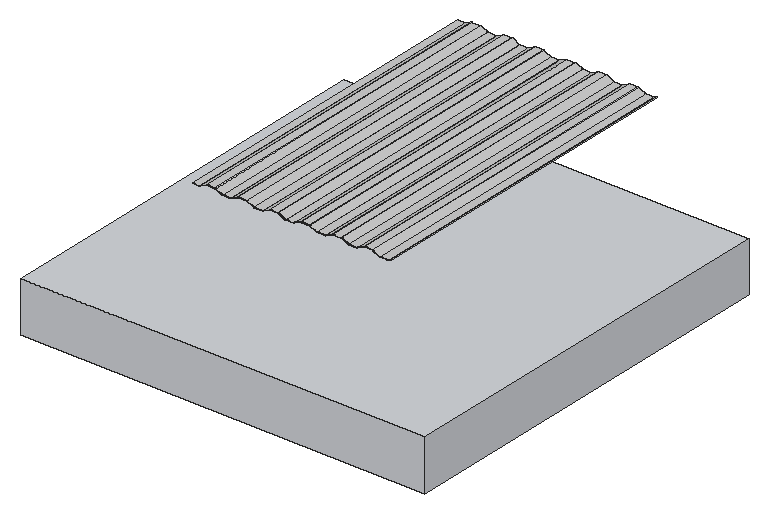
Revit family "Trapézový plech CB 20_190", category Obecné modely, Revit 2016
Family settings
  Hostitel = Plocha
  Typ součásti = Normální
  Může být hostitelem pro výztuž = Ne
  Kóta kulaté spojky = Použít průměr
  Ořezat dutým tvarem při načtení = Ne
  Sdílené = Ne
  Bod výpočtu místnosti = Ne
Parameters
  Šířka prvku - ořezání [instance] = 1198.235 mm
  Šířka [instance] = 1140 mm  # constant formula
  Výrobce = "CB profil a. s."  # constant formula
  Default Elevation = 0 mm
  URL = "https://www.cbprofil.cz/vyrobni-program/trapezove-plechy-vyroba-cb/"
  Třída oceli [instance] = Třída oceli : S 320 GD
  Tloušťka [instance] = 1 mm
  Positivní [instance] = not(Negativní)  # yes
  Popis = "CB 20/190"
  Negativní [instance] = no
  F2 barva [instance] = Pozink
  F1 barva [instance] = Pozink
  Délka [instance] = 2000 mm
  CB FLIS [instance] = no
Reference planes
  plane 1 "Střed (vpředu/vzadu)": y = 0
  plane 2: z = 0
  plane 3 "Střed (vlevo/vpravo)": x = 0
  plane 4 "trapézový plech": z = 0
  plane 5: x = -1140.316
  plane 6 "oříznutí": x = -1198.235
  plane 7: x = -1219.2
  plane 8: z = 21
Forms (mm)
  Extrusion 1, solid
    sketch origin (0, 0, 0) x (1, 0, 0) y (0, 1, 0)
      loop
        line (-1219.2, 1219.2) -> (-1219.2, -1219.2) -> (1219.2, -1219.2) -> (1219.2, 1219.2) -> (-1219.2, 1219.2)
    from 0 to -304.8
  Sweep 2, solid, material "Pozink" <- "F2 barva"
    path origin (0, 0, 0) x (-1, 0, 0) y (0, -1, 0)
      loop
        line (0, 0) -> (0, -2000)
    profile "CB 20_190 : CB 20_190" origin (0, 1000, 0) x (-1, 0, 0) y (0, 0, 1)
      loop
        line (-42.408, 7.427) -> (-26.927, 0.513)
        arc (-26.927, 0.513) -> (-25.751, 0.13) -> (-24.521, 0) r 5.9
        line (-24.521, 0) -> (24.599, 0)
        arc (24.599, 0) -> (25.829, 0.13) -> (27.005, 0.513) r 5.9
        line (27.005, 0.513) -> (68.889, 19.661)
        arc (68.889, 19.661) -> (69.666, 19.914) -> (70.479, 20) r 3.9
        line (70.479, 20) -> (119.599, 20)
        arc (119.599, 20) -> (120.413, 19.914) -> (121.19, 19.661) r 3.9
        line (121.19, 19.661) -> (163.073, 0.513)
        arc (163.073, 0.513) -> (164.249, 0.13) -> (165.479, 0) r 5.9
        line (165.479, 0) -> (190.039, 0) -> (214.599, 0)
        arc (214.599, 0) -> (215.829, 0.13) -> (217.005, 0.513) r 5.9
        line (217.005, 0.513) -> (258.889, 19.661)
        arc (258.889, 19.661) -> (259.666, 19.914) -> (260.479, 20) r 3.9
        line (260.479, 20) -> (309.599, 20)
        arc (309.599, 20) -> (310.413, 19.914) -> (311.19, 19.661) r 3.9
        line (311.19, 19.661) -> (353.073, 0.513)
        arc (353.073, 0.513) -> (354.249, 0.13) -> (355.479, 0) r 5.9
        line (355.479, 0) -> (404.599, 0)
        arc (404.599, 0) -> (405.829, 0.13) -> (407.005, 0.513) r 5.9
        line (407.005, 0.513) -> (448.889, 19.661)
        arc (448.889, 19.661) -> (449.666, 19.914) -> (450.479, 20) r 3.9
        line (450.479, 20) -> (499.599, 20)
        arc (499.599, 20) -> (500.413, 19.914) -> (501.19, 19.661) r 3.9
        line (501.19, 19.661) -> (543.073, 0.513)
        arc (543.073, 0.513) -> (544.249, 0.13) -> (545.479, 0) r 5.9
        line (545.479, 0) -> (570.039, 0) -> (594.599, 0)
        arc (594.599, 0) -> (595.829, 0.13) -> (597.005, 0.513) r 5.9
        line (597.005, 0.513) -> (638.889, 19.661)
        arc (638.889, 19.661) -> (639.666, 19.914) -> (640.479, 20) r 3.9
        line (640.479, 20) -> (689.599, 20)
        arc (689.599, 20) -> (690.413, 19.914) -> (691.19, 19.661) r 3.9
        line (691.19, 19.661) -> (733.073, 0.513)
        arc (733.073, 0.513) -> (734.249, 0.13) -> (735.479, 0) r 5.9
        line (735.479, 0) -> (784.599, 0)
        arc (784.599, 0) -> (785.829, 0.13) -> (787.005, 0.513) r 5.9
        line (787.005, 0.513) -> (828.889, 19.661)
        arc (828.889, 19.661) -> (829.666, 19.914) -> (830.479, 20) r 3.9
        line (830.479, 20) -> (879.599, 20)
        arc (879.599, 20) -> (880.413, 19.914) -> (881.19, 19.661) r 3.9
        line (881.19, 19.661) -> (923.073, 0.513)
        arc (923.073, 0.513) -> (924.249, 0.13) -> (925.479, 0) r 5.9
        line (925.479, 0) -> (950.039, 0) -> (974.599, 0)
        arc (974.599, 0) -> (975.829, 0.13) -> (977.005, 0.513) r 5.9
        line (977.005, 0.513) -> (1018.889, 19.661)
        arc (1018.889, 19.661) -> (1019.666, 19.914) -> (1020.479, 20) r 3.9
        line (1020.479, 20) -> (1069.599, 20)
        arc (1069.599, 20) -> (1070.413, 19.914) -> (1071.19, 19.661) r 3.9
        line (1071.19, 19.661) -> (1113.073, 1.513)
        arc (1113.073, 1.513) -> (1114.249, 1.13) -> (1115.479, 1) r 5.9
        line (1115.479, 1) -> (1155.363, 1) -> (1155.363, 2) -> (1115.479, 2)
        arc (1115.479, 2) -> (1114.455, 2.108) -> (1113.476, 2.428) r 4.9
        line (1113.476, 2.428) -> (1071.592, 20.576)
        arc (1071.592, 20.576) -> (1070.618, 20.893) -> (1069.599, 21) r 4.9
        line (1069.599, 21) -> (1020.479, 21)
        arc (1020.479, 21) -> (1019.456, 20.892) -> (1018.477, 20.572) r 4.9
        line (1018.477, 20.572) -> (976.594, 1.424)
        arc (976.594, 1.424) -> (975.619, 1.107) -> (974.599, 1) r 4.9
        line (974.599, 1) -> (950.039, 1) -> (925.479, 1)
        arc (925.479, 1) -> (924.46, 1.107) -> (923.485, 1.424) r 4.9
        line (923.485, 1.424) -> (881.602, 20.572)
        arc (881.602, 20.572) -> (880.623, 20.892) -> (879.599, 21) r 4.9
        line (879.599, 21) -> (830.479, 21)
        arc (830.479, 21) -> (829.456, 20.892) -> (828.477, 20.572) r 4.9
        line (828.477, 20.572) -> (786.594, 1.424)
        arc (786.594, 1.424) -> (785.619, 1.107) -> (784.599, 1) r 4.9
        line (784.599, 1) -> (735.479, 1)
        arc (735.479, 1) -> (734.46, 1.107) -> (733.485, 1.424) r 4.9
        line (733.485, 1.424) -> (691.602, 20.572)
        arc (691.602, 20.572) -> (690.623, 20.892) -> (689.599, 21) r 4.9
        line (689.599, 21) -> (640.479, 21)
        arc (640.479, 21) -> (639.456, 20.892) -> (638.477, 20.572) r 4.9
        line (638.477, 20.572) -> (596.594, 1.424)
        arc (596.594, 1.424) -> (595.619, 1.107) -> (594.599, 1) r 4.9
        line (594.599, 1) -> (570.039, 1) -> (545.479, 1)
        arc (545.479, 1) -> (544.46, 1.107) -> (543.485, 1.424) r 4.9
        line (543.485, 1.424) -> (501.602, 20.572)
        arc (501.602, 20.572) -> (500.623, 20.892) -> (499.599, 21) r 4.9
        line (499.599, 21) -> (450.479, 21)
        arc (450.479, 21) -> (449.456, 20.892) -> (448.477, 20.572) r 4.9
        line (448.477, 20.572) -> (406.594, 1.424)
        arc (406.594, 1.424) -> (405.619, 1.107) -> (404.599, 1) r 4.9
        line (404.599, 1) -> (355.479, 1)
        arc (355.479, 1) -> (354.46, 1.107) -> (353.485, 1.424) r 4.9
        line (353.485, 1.424) -> (311.602, 20.572)
        arc (311.602, 20.572) -> (310.623, 20.892) -> (309.599, 21) r 4.9
        line (309.599, 21) -> (260.479, 21)
        arc (260.479, 21) -> (259.456, 20.892) -> (258.477, 20.572) r 4.9
        line (258.477, 20.572) -> (216.594, 1.424)
        arc (216.594, 1.424) -> (215.619, 1.107) -> (214.599, 1) r 4.9
        line (214.599, 1) -> (190.039, 1) -> (165.479, 1)
        arc (165.479, 1) -> (164.46, 1.107) -> (163.485, 1.424) r 4.9
        line (163.485, 1.424) -> (121.602, 20.572)
        arc (121.602, 20.572) -> (120.623, 20.892) -> (119.599, 21) r 4.9
        line (119.599, 21) -> (70.479, 21)
        arc (70.479, 21) -> (69.456, 20.892) -> (68.477, 20.572) r 4.9
        line (68.477, 20.572) -> (26.594, 1.424)
        arc (26.594, 1.424) -> (25.619, 1.107) -> (24.599, 1) r 4.9
        line (24.599, 1) -> (-24.521, 1)
        arc (-24.521, 1) -> (-25.542, 1.108) -> (-26.519, 1.426) r 4.9
        line (-26.519, 1.426) -> (-42, 8.34) -> (-42.408, 7.427)
  Extrusion 3, void
    sketch origin (0, 0, 0) x (1, 0, 0) y (0, 0, 1)
      loop
        line (-1198.235, 21) -> (-1219.2, 21) -> (-1219.2, 0) -> (-1198.235, 0) -> (-1198.235, 21)
    from 0 to -2000
  Sweep 4, solid, material "Pozink" <- "F2 barva", visible <- "Negativní"
    path origin (0, 0, 0) x (-1, 0, 0) y (0, -1, 0)
      loop
        line (0, 0) -> (0, -2000)
    profile "CB 20_190_neg : CB 20_190_neg" origin (0, 1000, 0) x (-1, 0, 0) y (0, 0, 1)
      loop
        arc (-26.111, 19.661) -> (-25.334, 19.914) -> (-24.521, 20) r 3.9
        line (-24.521, 20) -> (0.039, 20) -> (24.599, 20)
        arc (24.599, 20) -> (25.413, 19.914) -> (26.19, 19.661) r 3.9
        line (26.19, 19.661) -> (68.073, 0.513)
        arc (68.073, 0.513) -> (69.249, 0.13) -> (70.479, 0) r 5.9
        line (70.479, 0) -> (119.599, 0)
        arc (119.599, 0) -> (120.829, 0.13) -> (122.005, 0.513) r 5.9
        line (122.005, 0.513) -> (163.889, 19.661)
        arc (163.889, 19.661) -> (164.666, 19.914) -> (165.479, 20) r 3.9
        line (165.479, 20) -> (214.599, 20)
        arc (214.599, 20) -> (215.413, 19.914) -> (216.19, 19.661) r 3.9
        line (216.19, 19.661) -> (258.073, 0.513)
        arc (258.073, 0.513) -> (259.249, 0.13) -> (260.479, 0) r 5.9
        line (260.479, 0) -> (309.599, 0)
        arc (309.599, 0) -> (310.829, 0.13) -> (312.005, 0.513) r 5.9
        line (312.005, 0.513) -> (353.889, 19.661)
        arc (353.889, 19.661) -> (354.666, 19.914) -> (355.479, 20) r 3.9
        line (355.479, 20) -> (380.039, 20) -> (404.599, 20)
        arc (404.599, 20) -> (405.413, 19.914) -> (406.19, 19.661) r 3.9
        line (406.19, 19.661) -> (448.073, 0.513)
        arc (448.073, 0.513) -> (449.249, 0.13) -> (450.479, 0) r 5.9
        line (450.479, 0) -> (499.599, 0)
        arc (499.599, 0) -> (500.829, 0.13) -> (502.005, 0.513) r 5.9
        line (502.005, 0.513) -> (543.889, 19.661)
        arc (543.889, 19.661) -> (544.666, 19.914) -> (545.479, 20) r 3.9
        line (545.479, 20) -> (594.599, 20)
        arc (594.599, 20) -> (595.413, 19.914) -> (596.19, 19.661) r 3.9
        line (596.19, 19.661) -> (638.073, 0.513)
        arc (638.073, 0.513) -> (639.249, 0.13) -> (640.479, 0) r 5.9
        line (640.479, 0) -> (689.599, 0)
        arc (689.599, 0) -> (690.829, 0.13) -> (692.005, 0.513) r 5.9
        line (692.005, 0.513) -> (733.889, 19.661)
        arc (733.889, 19.661) -> (734.666, 19.914) -> (735.479, 20) r 3.9
        line (735.479, 20) -> (760.039, 20) -> (784.599, 20)
        arc (784.599, 20) -> (785.413, 19.914) -> (786.19, 19.661) r 3.9
        line (786.19, 19.661) -> (828.073, 0.513)
        arc (828.073, 0.513) -> (829.249, 0.13) -> (830.479, 0) r 5.9
        line (830.479, 0) -> (879.599, 0)
        arc (879.599, 0) -> (880.829, 0.13) -> (882.005, 0.513) r 5.9
        line (882.005, 0.513) -> (923.889, 19.661)
        arc (923.889, 19.661) -> (924.666, 19.914) -> (925.479, 20) r 3.9
        line (925.479, 20) -> (974.599, 20)
        arc (974.599, 20) -> (975.413, 19.914) -> (976.19, 19.661) r 3.9
        line (976.19, 19.661) -> (1018.073, 0.513)
        arc (1018.073, 0.513) -> (1019.249, 0.13) -> (1020.479, 0) r 5.9
        line (1020.479, 0) -> (1069.599, 0)
        arc (1069.599, 0) -> (1070.829, 0.13) -> (1072.005, 0.513) r 5.9
        line (1072.005, 0.513) -> (1113.889, 18.661)
        arc (1113.889, 18.661) -> (1114.666, 18.914) -> (1115.479, 19) r 3.9
        line (1115.479, 19) -> (1155.363, 19) -> (1155.363, 20) -> (1115.479, 20)
        arc (1115.479, 20) -> (1114.461, 19.893) -> (1113.487, 19.576) r 4.9
        line (1113.487, 19.576) -> (1071.603, 1.428)
        arc (1071.603, 1.428) -> (1070.624, 1.108) -> (1069.599, 1) r 4.9
        line (1069.599, 1) -> (1020.479, 1)
        arc (1020.479, 1) -> (1019.46, 1.107) -> (1018.485, 1.424) r 4.9
        line (1018.485, 1.424) -> (976.602, 20.572)
        arc (976.602, 20.572) -> (975.623, 20.892) -> (974.599, 21) r 4.9
        line (974.599, 21) -> (925.479, 21)
        arc (925.479, 21) -> (924.456, 20.892) -> (923.477, 20.572) r 4.9
        line (923.477, 20.572) -> (881.594, 1.424)
        arc (881.594, 1.424) -> (880.619, 1.107) -> (879.599, 1) r 4.9
        line (879.599, 1) -> (830.479, 1)
        arc (830.479, 1) -> (829.46, 1.107) -> (828.485, 1.424) r 4.9
        line (828.485, 1.424) -> (786.602, 20.572)
        arc (786.602, 20.572) -> (785.623, 20.892) -> (784.599, 21) r 4.9
        line (784.599, 21) -> (760.039, 21) -> (735.479, 21)
        arc (735.479, 21) -> (734.456, 20.892) -> (733.477, 20.572) r 4.9
        line (733.477, 20.572) -> (691.594, 1.424)
        arc (691.594, 1.424) -> (690.619, 1.107) -> (689.599, 1) r 4.9
        line (689.599, 1) -> (640.479, 1)
        arc (640.479, 1) -> (639.46, 1.107) -> (638.485, 1.424) r 4.9
        line (638.485, 1.424) -> (596.602, 20.572)
        arc (596.602, 20.572) -> (595.623, 20.892) -> (594.599, 21) r 4.9
        line (594.599, 21) -> (545.479, 21)
        arc (545.479, 21) -> (544.456, 20.892) -> (543.477, 20.572) r 4.9
        line (543.477, 20.572) -> (501.594, 1.424)
        arc (501.594, 1.424) -> (500.619, 1.107) -> (499.599, 1) r 4.9
        line (499.599, 1) -> (450.479, 1)
        arc (450.479, 1) -> (449.46, 1.107) -> (448.485, 1.424) r 4.9
        line (448.485, 1.424) -> (406.602, 20.572)
        arc (406.602, 20.572) -> (405.623, 20.892) -> (404.599, 21) r 4.9
        line (404.599, 21) -> (380.039, 21) -> (355.479, 21)
        arc (355.479, 21) -> (354.456, 20.892) -> (353.477, 20.572) r 4.9
        line (353.477, 20.572) -> (311.594, 1.424)
        arc (311.594, 1.424) -> (310.619, 1.107) -> (309.599, 1) r 4.9
        line (309.599, 1) -> (260.479, 1)
        arc (260.479, 1) -> (259.46, 1.107) -> (258.485, 1.424) r 4.9
        line (258.485, 1.424) -> (216.602, 20.572)
        arc (216.602, 20.572) -> (215.623, 20.892) -> (214.599, 21) r 4.9
        line (214.599, 21) -> (165.479, 21)
        arc (165.479, 21) -> (164.456, 20.892) -> (163.477, 20.572) r 4.9
        line (163.477, 20.572) -> (121.594, 1.424)
        arc (121.594, 1.424) -> (120.619, 1.107) -> (119.599, 1) r 4.9
        line (119.599, 1) -> (70.479, 1)
        arc (70.479, 1) -> (69.46, 1.107) -> (68.485, 1.424) r 4.9
        line (68.485, 1.424) -> (26.602, 20.572)
        arc (26.602, 20.572) -> (25.623, 20.892) -> (24.599, 21) r 4.9
        line (24.599, 21) -> (0.039, 21) -> (-24.521, 21)
        arc (-24.521, 21) -> (-25.542, 20.892) -> (-26.519, 20.574) r 4.9
        line (-26.519, 20.574) -> (-42, 13.66) -> (-41.592, 12.746) -> (-26.111, 19.661)
  Sweep 5, solid, material "Pozink" <- "F1 barva"
    path origin (0, 0, 0) x (-1, 0, 0) y (0, -1, 0)
      loop
        line (0, 0) -> (0, -2000)
    profile "CB 20_190_F1 : CB 20_190_F1" origin (0, 1000, 0) x (-1, 0, 0) y (0, 0, 1)
      loop
        line (-42, 8.34) -> (-26.519, 1.426)
        arc (-26.519, 1.426) -> (-25.542, 1.108) -> (-24.521, 1) r 4.9
        line (-24.521, 1) -> (24.599, 1)
        arc (24.599, 1) -> (25.619, 1.107) -> (26.594, 1.424) r 4.9
        line (26.594, 1.424) -> (68.477, 20.572)
        arc (68.477, 20.572) -> (69.456, 20.892) -> (70.479, 21) r 4.9
        line (70.479, 21) -> (119.599, 21)
        arc (119.599, 21) -> (120.623, 20.892) -> (121.602, 20.572) r 4.9
        line (121.602, 20.572) -> (163.485, 1.424)
        arc (163.485, 1.424) -> (164.46, 1.107) -> (165.479, 1) r 4.9
        line (165.479, 1) -> (190.039, 1) -> (214.599, 1)
        arc (214.599, 1) -> (215.619, 1.107) -> (216.594, 1.424) r 4.9
        line (216.594, 1.424) -> (258.477, 20.572)
        arc (258.477, 20.572) -> (259.456, 20.892) -> (260.479, 21) r 4.9
        line (260.479, 21) -> (309.599, 21)
        arc (309.599, 21) -> (310.623, 20.892) -> (311.602, 20.572) r 4.9
        line (311.602, 20.572) -> (353.485, 1.424)
        arc (353.485, 1.424) -> (354.46, 1.107) -> (355.479, 1) r 4.9
        line (355.479, 1) -> (404.599, 1)
        arc (404.599, 1) -> (405.619, 1.107) -> (406.594, 1.424) r 4.9
        line (406.594, 1.424) -> (448.477, 20.572)
        arc (448.477, 20.572) -> (449.456, 20.892) -> (450.479, 21) r 4.9
        line (450.479, 21) -> (499.599, 21)
        arc (499.599, 21) -> (500.623, 20.892) -> (501.602, 20.572) r 4.9
        line (501.602, 20.572) -> (543.485, 1.424)
        arc (543.485, 1.424) -> (544.46, 1.107) -> (545.479, 1) r 4.9
        line (545.479, 1) -> (570.039, 1) -> (594.599, 1)
        arc (594.599, 1) -> (595.619, 1.107) -> (596.594, 1.424) r 4.9
        line (596.594, 1.424) -> (638.477, 20.572)
        arc (638.477, 20.572) -> (639.456, 20.892) -> (640.479, 21) r 4.9
        line (640.479, 21) -> (689.599, 21)
        arc (689.599, 21) -> (690.623, 20.892) -> (691.602, 20.572) r 4.9
        line (691.602, 20.572) -> (733.485, 1.424)
        arc (733.485, 1.424) -> (734.46, 1.107) -> (735.479, 1) r 4.9
        line (735.479, 1) -> (784.599, 1)
        arc (784.599, 1) -> (785.619, 1.107) -> (786.594, 1.424) r 4.9
        line (786.594, 1.424) -> (828.477, 20.572)
        arc (828.477, 20.572) -> (829.456, 20.892) -> (830.479, 21) r 4.9
        line (830.479, 21) -> (879.599, 21)
        arc (879.599, 21) -> (880.623, 20.892) -> (881.602, 20.572) r 4.9
        line (881.602, 20.572) -> (923.485, 1.424)
        arc (923.485, 1.424) -> (924.46, 1.107) -> (925.479, 1) r 4.9
        line (925.479, 1) -> (950.039, 1) -> (974.599, 1)
        arc (974.599, 1) -> (975.619, 1.107) -> (976.594, 1.424) r 4.9
        line (976.594, 1.424) -> (1018.477, 20.572)
        arc (1018.477, 20.572) -> (1019.456, 20.892) -> (1020.479, 21) r 4.9
        line (1020.479, 21) -> (1069.599, 21)
        arc (1069.599, 21) -> (1070.618, 20.893) -> (1071.592, 20.576) r 4.9
        line (1071.592, 20.576) -> (1113.476, 2.428)
        arc (1113.476, 2.428) -> (1114.455, 2.108) -> (1115.479, 2) r 4.9
        line (1115.479, 2) -> (1155.363, 2) -> (1155.363, 3) -> (1115.479, 3)
        arc (1115.479, 3) -> (1114.661, 3.087) -> (1113.88, 3.343) r 3.9
        line (1113.88, 3.343) -> (1071.994, 21.492)
        arc (1071.994, 21.492) -> (1070.823, 21.872) -> (1069.599, 22) r 5.9
        line (1069.599, 22) -> (1020.479, 22)
        arc (1020.479, 22) -> (1019.245, 21.869) -> (1018.065, 21.483) r 5.9
        line (1018.065, 21.483) -> (976.183, 2.336)
        arc (976.183, 2.336) -> (975.409, 2.085) -> (974.599, 2) r 3.9
        line (974.599, 2) -> (950.039, 2) -> (925.479, 2)
        arc (925.479, 2) -> (924.67, 2.085) -> (923.896, 2.336) r 3.9
        line (923.896, 2.336) -> (882.014, 21.483)
        arc (882.014, 21.483) -> (880.834, 21.869) -> (879.599, 22) r 5.9
        line (879.599, 22) -> (830.479, 22)
        arc (830.479, 22) -> (829.245, 21.869) -> (828.065, 21.483) r 5.9
        line (828.065, 21.483) -> (786.183, 2.336)
        arc (786.183, 2.336) -> (785.409, 2.085) -> (784.599, 2) r 3.9
        line (784.599, 2) -> (735.479, 2)
        arc (735.479, 2) -> (734.67, 2.085) -> (733.896, 2.336) r 3.9
        line (733.896, 2.336) -> (692.014, 21.483)
        arc (692.014, 21.483) -> (690.834, 21.869) -> (689.599, 22) r 5.9
        line (689.599, 22) -> (640.479, 22)
        arc (640.479, 22) -> (639.245, 21.869) -> (638.065, 21.483) r 5.9
        line (638.065, 21.483) -> (596.183, 2.336)
        arc (596.183, 2.336) -> (595.409, 2.085) -> (594.599, 2) r 3.9
        line (594.599, 2) -> (570.039, 2) -> (545.479, 2)
        arc (545.479, 2) -> (544.67, 2.085) -> (543.896, 2.336) r 3.9
        line (543.896, 2.336) -> (502.014, 21.483)
        arc (502.014, 21.483) -> (500.834, 21.869) -> (499.599, 22) r 5.9
        line (499.599, 22) -> (450.479, 22)
        arc (450.479, 22) -> (449.245, 21.869) -> (448.065, 21.483) r 5.9
        line (448.065, 21.483) -> (406.183, 2.336)
        arc (406.183, 2.336) -> (405.409, 2.085) -> (404.599, 2) r 3.9
        line (404.599, 2) -> (355.479, 2)
        arc (355.479, 2) -> (354.67, 2.085) -> (353.896, 2.336) r 3.9
        line (353.896, 2.336) -> (312.014, 21.483)
        arc (312.014, 21.483) -> (310.834, 21.869) -> (309.599, 22) r 5.9
        line (309.599, 22) -> (260.479, 22)
        arc (260.479, 22) -> (259.245, 21.869) -> (258.065, 21.483) r 5.9
        line (258.065, 21.483) -> (216.183, 2.336)
        arc (216.183, 2.336) -> (215.409, 2.085) -> (214.599, 2) r 3.9
        line (214.599, 2) -> (190.039, 2) -> (165.479, 2)
        arc (165.479, 2) -> (164.67, 2.085) -> (163.896, 2.336) r 3.9
        line (163.896, 2.336) -> (122.014, 21.483)
        arc (122.014, 21.483) -> (120.834, 21.869) -> (119.599, 22) r 5.9
        line (119.599, 22) -> (70.479, 22)
        arc (70.479, 22) -> (69.245, 21.869) -> (68.065, 21.483) r 5.9
        line (68.065, 21.483) -> (26.183, 2.336)
        arc (26.183, 2.336) -> (25.409, 2.085) -> (24.599, 2) r 3.9
        line (24.599, 2) -> (-24.521, 2)
        arc (-24.521, 2) -> (-25.334, 2.086) -> (-26.111, 2.339) r 3.9
        line (-26.111, 2.339) -> (-41.592, 9.254) -> (-42, 8.34)
  Sweep 6, solid, material "Pozink" <- "F1 barva", visible <- "Negativní"
    path origin (0, 0, 0) x (-1, 0, 0) y (0, -1, 0)
      loop
        line (0, 0) -> (0, -2000)
    profile "CB 20_190_neg_F1 : CB 20_190_neg_F1" origin (0, 1000, 0) x (-1, 0, 0) y (0, 0, 1)
      loop
        line (1155.363, 20) -> (1155.363, 21) -> (1115.479, 21)
        arc (1115.479, 21) -> (1114.255, 20.872) -> (1113.085, 20.492) r 5.9
        line (1113.085, 20.492) -> (1071.199, 2.343)
        arc (1071.199, 2.343) -> (1070.417, 2.087) -> (1069.599, 2) r 3.9
        line (1069.599, 2) -> (1020.479, 2)
        arc (1020.479, 2) -> (1019.67, 2.085) -> (1018.896, 2.336) r 3.9
        line (1018.896, 2.336) -> (977.014, 21.483)
        arc (977.014, 21.483) -> (975.834, 21.869) -> (974.599, 22) r 5.9
        line (974.599, 22) -> (925.479, 22)
        arc (925.479, 22) -> (924.245, 21.869) -> (923.065, 21.483) r 5.9
        line (923.065, 21.483) -> (881.183, 2.336)
        arc (881.183, 2.336) -> (880.409, 2.085) -> (879.599, 2) r 3.9
        line (879.599, 2) -> (830.479, 2)
        arc (830.479, 2) -> (829.67, 2.085) -> (828.896, 2.336) r 3.9
        line (828.896, 2.336) -> (787.014, 21.483)
        arc (787.014, 21.483) -> (785.834, 21.869) -> (784.599, 22) r 5.9
        line (784.599, 22) -> (760.039, 22) -> (735.479, 22)
        arc (735.479, 22) -> (734.245, 21.869) -> (733.065, 21.483) r 5.9
        line (733.065, 21.483) -> (691.183, 2.336)
        arc (691.183, 2.336) -> (690.409, 2.085) -> (689.599, 2) r 3.9
        line (689.599, 2) -> (640.479, 2)
        arc (640.479, 2) -> (639.67, 2.085) -> (638.896, 2.336) r 3.9
        line (638.896, 2.336) -> (597.014, 21.483)
        arc (597.014, 21.483) -> (595.834, 21.869) -> (594.599, 22) r 5.9
        line (594.599, 22) -> (545.479, 22)
        arc (545.479, 22) -> (544.245, 21.869) -> (543.065, 21.483) r 5.9
        line (543.065, 21.483) -> (501.183, 2.336)
        arc (501.183, 2.336) -> (500.409, 2.085) -> (499.599, 2) r 3.9
        line (499.599, 2) -> (450.479, 2)
        arc (450.479, 2) -> (449.67, 2.085) -> (448.896, 2.336) r 3.9
        line (448.896, 2.336) -> (407.014, 21.483)
        arc (407.014, 21.483) -> (405.834, 21.869) -> (404.599, 22) r 5.9
        line (404.599, 22) -> (380.039, 22) -> (355.479, 22)
        arc (355.479, 22) -> (354.245, 21.869) -> (353.065, 21.483) r 5.9
        line (353.065, 21.483) -> (311.183, 2.336)
        arc (311.183, 2.336) -> (310.409, 2.085) -> (309.599, 2) r 3.9
        line (309.599, 2) -> (260.479, 2)
        arc (260.479, 2) -> (259.67, 2.085) -> (258.896, 2.336) r 3.9
        line (258.896, 2.336) -> (217.014, 21.483)
        arc (217.014, 21.483) -> (215.834, 21.869) -> (214.599, 22) r 5.9
        line (214.599, 22) -> (165.479, 22)
        arc (165.479, 22) -> (164.245, 21.869) -> (163.065, 21.483) r 5.9
        line (163.065, 21.483) -> (121.183, 2.336)
        arc (121.183, 2.336) -> (120.409, 2.085) -> (119.599, 2) r 3.9
        line (119.599, 2) -> (70.479, 2)
        arc (70.479, 2) -> (69.67, 2.085) -> (68.896, 2.336) r 3.9
        line (68.896, 2.336) -> (27.014, 21.483)
        arc (27.014, 21.483) -> (25.834, 21.869) -> (24.599, 22) r 5.9
        line (24.599, 22) -> (0.039, 22) -> (-24.521, 22)
        arc (-24.521, 22) -> (-25.751, 21.87) -> (-26.927, 21.487) r 5.9
        line (-26.927, 21.487) -> (-42.408, 14.573) -> (-42, 13.66) -> (-26.519, 20.574)
        arc (-26.519, 20.574) -> (-25.542, 20.892) -> (-24.521, 21) r 4.9
        line (-24.521, 21) -> (0.039, 21) -> (24.599, 21)
        arc (24.599, 21) -> (25.623, 20.892) -> (26.602, 20.572) r 4.9
        line (26.602, 20.572) -> (68.485, 1.424)
        arc (68.485, 1.424) -> (69.46, 1.107) -> (70.479, 1) r 4.9
        line (70.479, 1) -> (119.599, 1)
        arc (119.599, 1) -> (120.619, 1.107) -> (121.594, 1.424) r 4.9
        line (121.594, 1.424) -> (163.477, 20.572)
        arc (163.477, 20.572) -> (164.456, 20.892) -> (165.479, 21) r 4.9
        line (165.479, 21) -> (214.599, 21)
        arc (214.599, 21) -> (215.623, 20.892) -> (216.602, 20.572) r 4.9
        line (216.602, 20.572) -> (258.485, 1.424)
        arc (258.485, 1.424) -> (259.46, 1.107) -> (260.479, 1) r 4.9
        line (260.479, 1) -> (309.599, 1)
        arc (309.599, 1) -> (310.619, 1.107) -> (311.594, 1.424) r 4.9
        line (311.594, 1.424) -> (353.477, 20.572)
        arc (353.477, 20.572) -> (354.456, 20.892) -> (355.479, 21) r 4.9
        line (355.479, 21) -> (380.039, 21) -> (404.599, 21)
        arc (404.599, 21) -> (405.623, 20.892) -> (406.602, 20.572) r 4.9
        line (406.602, 20.572) -> (448.485, 1.424)
        arc (448.485, 1.424) -> (449.46, 1.107) -> (450.479, 1) r 4.9
        line (450.479, 1) -> (499.599, 1)
        arc (499.599, 1) -> (500.619, 1.107) -> (501.594, 1.424) r 4.9
        line (501.594, 1.424) -> (543.477, 20.572)
        arc (543.477, 20.572) -> (544.456, 20.892) -> (545.479, 21) r 4.9
        line (545.479, 21) -> (594.599, 21)
        arc (594.599, 21) -> (595.623, 20.892) -> (596.602, 20.572) r 4.9
        line (596.602, 20.572) -> (638.485, 1.424)
        arc (638.485, 1.424) -> (639.46, 1.107) -> (640.479, 1) r 4.9
        line (640.479, 1) -> (689.599, 1)
        arc (689.599, 1) -> (690.619, 1.107) -> (691.594, 1.424) r 4.9
        line (691.594, 1.424) -> (733.477, 20.572)
        arc (733.477, 20.572) -> (734.456, 20.892) -> (735.479, 21) r 4.9
        line (735.479, 21) -> (760.039, 21) -> (784.599, 21)
        arc (784.599, 21) -> (785.623, 20.892) -> (786.602, 20.572) r 4.9
        line (786.602, 20.572) -> (828.485, 1.424)
        arc (828.485, 1.424) -> (829.46, 1.107) -> (830.479, 1) r 4.9
        line (830.479, 1) -> (879.599, 1)
        arc (879.599, 1) -> (880.619, 1.107) -> (881.594, 1.424) r 4.9
        line (881.594, 1.424) -> (923.477, 20.572)
        arc (923.477, 20.572) -> (924.456, 20.892) -> (925.479, 21) r 4.9
        line (925.479, 21) -> (974.599, 21)
        arc (974.599, 21) -> (975.623, 20.892) -> (976.602, 20.572) r 4.9
        line (976.602, 20.572) -> (1018.485, 1.424)
        arc (1018.485, 1.424) -> (1019.46, 1.107) -> (1020.479, 1) r 4.9
        line (1020.479, 1) -> (1069.599, 1)
        arc (1069.599, 1) -> (1070.624, 1.108) -> (1071.603, 1.428) r 4.9
        line (1071.603, 1.428) -> (1113.487, 19.576)
        arc (1113.487, 19.576) -> (1114.461, 19.893) -> (1115.479, 20) r 4.9
        line (1115.479, 20) -> (1155.363, 20)
Cuts and joins
  Extrusion 3 cuts Sweep 4
  Extrusion 3 cuts Sweep 2
  Extrusion 3 cuts Sweep 6
  Extrusion 3 cuts Sweep 5
Dimensions and locks
  "Délka": Sweep 2 sketch curve to Sweep 2 sketch curve
  "Šířka prvku - ořezání": plane 6 "oříznutí" to plane 3 "Střed (vlevo/vpravo)"
  "Délka": Sweep 4 sketch curve to Sweep 4 sketch curve
  "Délka": Sweep 5 sketch curve to Sweep 5 sketch curve
  "Délka": Sweep 6 sketch curve to Sweep 6 sketch curve
  plane 3 "Střed (vlevo/vpravo)" to plane 5 = 1140.316 mm
  aligned and locked: plane 2 to Extrusion 1
  aligned and locked: level to Extrusion 1
  aligned and locked: Extrusion 3 to plane 6 "oříznutí"
  aligned and locked: plane 7 to Extrusion 3
  aligned and locked: Extrusion 3 to Sweep 2
  aligned and locked: Sweep 2 to Extrusion 3
  aligned and locked: Extrusion 3 to plane 8
Automatic sketch dimensions
  Extrusion 1 sketch curve to Extrusion 1 sketch curve = 2438.4 mm  (x2)
  plane 7 to Extrusion 3 sketch curve = 0 mm
  Extrusion 3 sketch curve to level = 0 mm
  plane 6 "oříznutí" to Extrusion 3 sketch curve = 0 mm
  level to Extrusion 3 sketch curve = 21 mm
  Sweep 2 sketch curve to plane 3 "Střed (vlevo/vpravo)" = 0 mm
  plane 1 "Střed (vpředu/vzadu)" to Sweep 2 sketch curve = 0 mm
  Sweep 4 sketch curve to plane 3 "Střed (vlevo/vpravo)" = 0 mm
  plane 1 "Střed (vpředu/vzadu)" to Sweep 4 sketch curve = 0 mm
  Sweep 5 sketch curve to plane 3 "Střed (vlevo/vpravo)" = 0 mm
  plane 1 "Střed (vpředu/vzadu)" to Sweep 5 sketch curve = 0 mm
  Sweep 6 sketch curve to plane 3 "Střed (vlevo/vpravo)" = 0 mm
  plane 1 "Střed (vpředu/vzadu)" to Sweep 6 sketch curve = 0 mm
